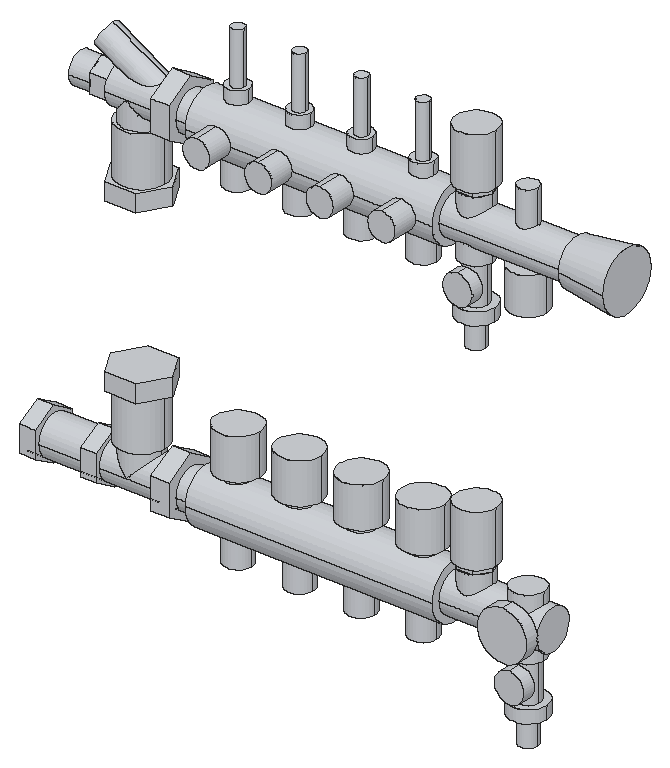
Revit family "318_1dab38ccfa9a4ba2b3cf6a35155c04", category Pipe Accessories, Revit 2017 (continued)
Connectors
  piping at (177, 0, -40), diameter 18, driven by "Flow supply 2", driven by "SBP2"
    settings: on Extrusion 132, index 3, connector inside diameter 609.6 mm, connector length 0 mm, flow factor 0, pipe flow 0.0 L/s, pressure drop 0.0 Pa, fitting loss kfactor 0, connector angle 0.00°, fixture units 0, engagement length 0 mm, angle of deflection 0.00°, flow configuration 0, flow direction 2, fitting loss method 0, system type 7, joint type 0, gender type 0, connector reference index -1, connector utility 0, adjustable connector no, is connector primary no, connector description "Branch_1_2"
  piping at (227, 0, -40), diameter 18, driven by "Flow supply 3", driven by "SBP3"
    settings: on Extrusion 128, index 4, connector inside diameter 609.6 mm, connector length 0 mm, flow factor 0, pipe flow 0.0 L/s, pressure drop 0.0 Pa, fitting loss kfactor 0, connector angle 0.00°, fixture units 0, engagement length 0 mm, angle of deflection 0.00°, flow configuration 0, flow direction 2, fitting loss method 0, system type 7, joint type 0, gender type 0, connector reference index -1, connector utility 0, adjustable connector no, is connector primary no, connector description "Branch_1_3"
  piping at (277, 0, -40), diameter 18, driven by "Flow supply 4", driven by "SBP4"
    settings: on Extrusion 127, index 5, connector inside diameter 609.6 mm, connector length 0 mm, flow factor 0, pipe flow 0.0 L/s, pressure drop 0.0 Pa, fitting loss kfactor 0, connector angle 0.00°, fixture units 0, engagement length 0 mm, angle of deflection 0.00°, flow configuration 0, flow direction 2, fitting loss method 0, system type 7, joint type 0, gender type 0, connector reference index -1, connector utility 0, adjustable connector no, is connector primary no, connector description "Branch_1_4"
  piping at (-35, 0, -274), diameter 25, driven by "Flow return main", driven by "RMP"
    settings: on Extrusion 130, index 6, connector inside diameter 609.6 mm, connector length 0 mm, flow factor 0, pipe flow 0.0 L/s, pressure drop 0.0 Pa, fitting loss kfactor 0, connector angle 0.00°, fixture units 0, engagement length 0 mm, angle of deflection 0.00°, flow configuration 1, flow direction 2, fitting loss method 0, system type 8, joint type 0, gender type 0, connector reference index -1, connector utility 0, adjustable connector no, is connector primary no, connector description "Main_2_1"
  piping at (127, 0, -314), diameter 18, driven by "Flow return 1", driven by "RBP1"
    settings: on Extrusion 125, index 7, connector inside diameter 609.6 mm, connector length 0 mm, flow factor 0, pipe flow 0.0 L/s, pressure drop 0.0 Pa, fitting loss kfactor 0, connector angle 0.00°, fixture units 0, engagement length 0 mm, angle of deflection 0.00°, flow configuration 0, flow direction 1, fitting loss method 0, system type 8, joint type 0, gender type 0, connector reference index -1, connector utility 0, adjustable connector no, is connector primary no, connector description "Branch_2_1"
  piping at (177, 0, -314), diameter 18, driven by "Flow return 2", driven by "RBP2"
    settings: on Extrusion 124, index 8, connector inside diameter 609.6 mm, connector length 0 mm, flow factor 0, pipe flow 0.0 L/s, pressure drop 0.0 Pa, fitting loss kfactor 0, connector angle 0.00°, fixture units 0, engagement length 0 mm, angle of deflection 0.00°, flow configuration 0, flow direction 1, fitting loss method 0, system type 8, joint type 0, gender type 0, connector reference index -1, connector utility 0, adjustable connector no, is connector primary no, connector description "Branch_2_2"
  piping at (227, 0, -314), diameter 18, driven by "Flow return 3", driven by "RBP3"
    settings: on Extrusion 126, index 9, connector inside diameter 609.6 mm, connector length 0 mm, flow factor 0, pipe flow 0.0 L/s, pressure drop 0.0 Pa, fitting loss kfactor 0, connector angle 0.00°, fixture units 0, engagement length 0 mm, angle of deflection 0.00°, flow configuration 0, flow direction 1, fitting loss method 0, system type 8, joint type 0, gender type 0, connector reference index -1, connector utility 0, adjustable connector no, is connector primary no, connector description "Branch_2_3"
  piping at (277, 0, -314), diameter 18, driven by "Flow return 4", driven by "RBP4"
    settings: on Extrusion 123, index 10, connector inside diameter 609.6 mm, connector length 0 mm, flow factor 0, pipe flow 0.0 L/s, pressure drop 0.0 Pa, fitting loss kfactor 0, connector angle 0.00°, fixture units 0, engagement length 0 mm, angle of deflection 0.00°, flow configuration 0, flow direction 1, fitting loss method 0, system type 8, joint type 0, gender type 0, connector reference index -1, connector utility 0, adjustable connector no, is connector primary no, connector description "Branch_2_4"
